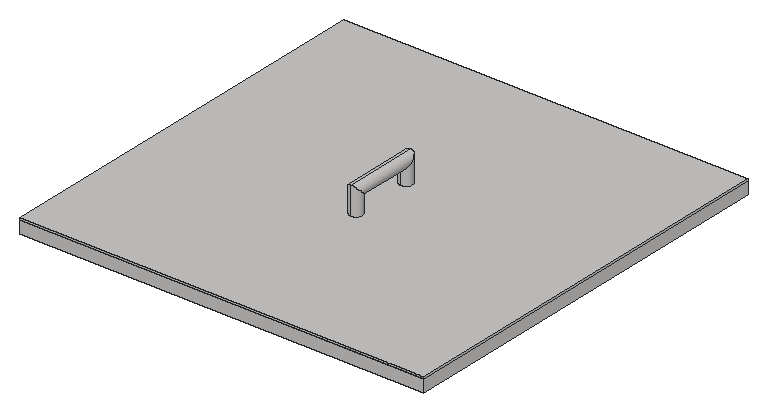
Revit family "人孔蓋_75x75cm", category 一般模型, Revit 2014
Reference planes
  plane 1 "中心 (前/後)": y = 0
  plane 2: z = 0
  plane 3 "中心 (左/右)": x = 0
  plane 4: x = 375
  plane 5: y = -265
Forms (mm)
  Extrusion 1, solid, material "不鏽鋼、拋光"
    sketch origin (0, 0, 0) x (1, 0, 0) y (0, 1, 0)
      loop
        line (-110, 220) -> (-110, -750) -> (860, -750) -> (860, 220) -> (-110, 220)
    from 50 to 54
  Extrusion 2, solid, material "不鏽鋼、拋光"
    sketch origin (0, 0, 0) x (1, 0, 0) y (0, 1, 0)
      loop
        line (860, 220) -> (-110, 220) -> (-110, -750) -> (860, -750) -> (860, 220)
      loop
        line (856, 216) -> (-106, 216) -> (-106, -746) -> (856, -746) -> (856, 216)
    from 20 to 50
  Sweep 3, solid, material "不鏽鋼、拋光"
    path origin (383.432, 675.748, 1150) x (0, 1, 0) y (0, 0, 1)
      loop
        line (-1016, -1096) -> (-1016, -1046) -> (-866, -1046) -> (-866, -1096)
    profile "圓形扶欄 : 30 mm" origin (383.432, -265.252, 104) x (0, 0, 1) y (1, 0, 0)
      loop
        circle (0, -15) r 15
Dimensions and locks
  aligned and locked: level to plane 2
